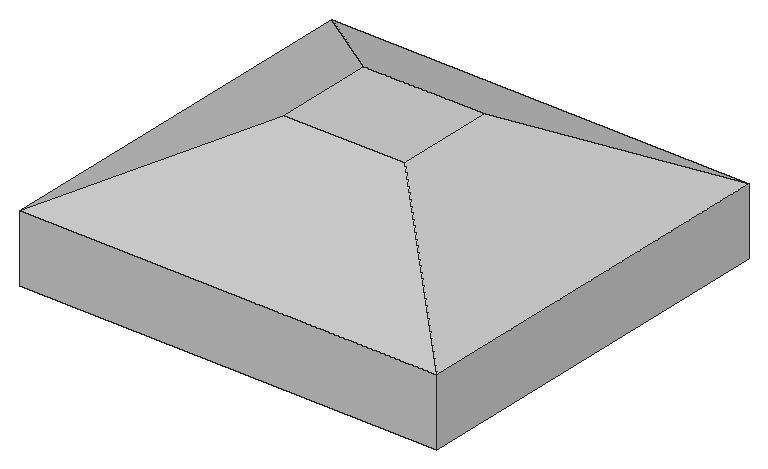
Revit family "Sapata distribuída - Cônica", category Fundações estruturais, Revit 2019
Family settings
  Material para o comportamento do modelo = Outros
  Cap = Não
  Número OmniClass = 23.25.05.17
  Título OmniClass = Shallow Foundations
  Com base no plano de trabalho = Não
  Sempre na vertical = Sim
  Corte com vazios quando carregada = Não
  Compartilhado = Não
Parameters (values of type "3100x2900x1050")
  h1 = 500 mm
  Largura = 3100 mm
  Structural Material [instance] = Concreto - Moldado in loco
  Comprimento = 2900 mm
  L1 = 750 mm
  Espessura da fundação = 1050 mm
  B1 = 900 mm
  Assembly Code = ""
Reference planes
  plane 1 "Centro (Frente/Trás)": y = 0
  plane 2: z = 0
  plane 3 "Centro (Esquerda/Direita)": x = 0
  plane 4: x = -1550
  plane 5: x = 1550
  plane 6: y = 1450
  plane 7: y = -1450
  plane 8: y = 375
  plane 9: y = -375
  plane 10: x = -450
  plane 11: x = 450
  plane 12: z = -1050
  plane 13: z = -550
Forms (mm)
  Extrusion 1, solid, material "Concreto - Moldado in loco" <- "Structural Material"
    sketch origin (0, 0, 0) x (1, 0, 0) y (0, 1, 0)
      loop
        line (-1550, 1450) -> (-1550, -1450) -> (1550, -1450) -> (1550, 1450) -> (-1550, 1450)
    from -1050 to -550
  Blend 2, solid, material "Concreto - Moldado in loco" <- "Structural Material"
    base sketch origin (0, 0, 0) x (1, 0, 0) y (0, 1, 0)
      loop
        line (-1550, 1450) -> (-1550, -1450) -> (1550, -1450) -> (1550, 1450) -> (-1550, 1450)
    top sketch origin (0, 0, 0) x (1, 0, 0) y (0, 1, 0)
      loop
        line (-450, 375) -> (-450, -375) -> (450, -375) -> (450, 375) -> (-450, 375)
    from -550 to 0
Cuts and joins
  joined: Extrusion 1, Blend 2
Dimensions and locks
  "Largura": plane 4 to plane 5
  "Comprimento": plane 6 to plane 7
  equal spacing: plane 6, plane 1 "Centro (Frente/Trás)", plane 7
  equal spacing: plane 4, plane 3 "Centro (Esquerda/Direita)", plane 5
  equal spacing: plane 8, plane 1 "Centro (Frente/Trás)", plane 9
  "L1": plane 8 to plane 9
  equal spacing: plane 10, plane 3 "Centro (Esquerda/Direita)", plane 11
  "B1": plane 10 to plane 11
  "Espessura da fundação": plane 2 to plane 12
  "h1": plane 13 to plane 12
  aligned and locked: Extrusion 1 sketch curve to plane 4
  aligned and locked: Extrusion 1 sketch curve to plane 5
  aligned and locked: Extrusion 1 sketch curve to plane 6
  aligned and locked: Extrusion 1 sketch curve to plane 7
  aligned and locked: Extrusion 1 to plane 12
  aligned and locked: plane 13 to Extrusion 1
  aligned and locked: Blend 2 sketch curve to Extrusion 1  (x4)
  aligned and locked: Blend 2 sketch curve to plane 8
  aligned and locked: plane 10 to Blend 2 sketch curve
  aligned and locked: plane 9 to Blend 2 sketch curve
  aligned and locked: Blend 2 sketch curve to plane 11
  aligned and locked: Blend 2 to Extrusion 1
  aligned and locked: level to Blend 2
